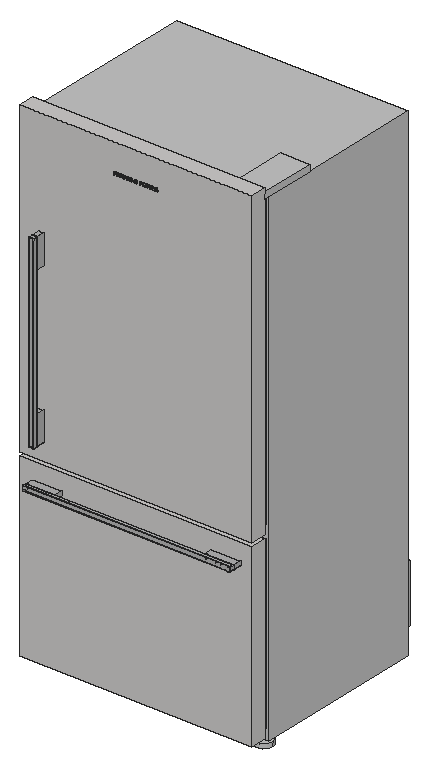
Revit family "FP-Revit18-RF522WDRX5-Fridges", category Specialty Equipment, Revit 2018 (continued)
Definition of nested family "F&P Handle Kit - Contemporary Round - Horizontal"
  Forms (mm)
    Extrusion 3, solid, material <- "Material - Handle", detail levels fine
      sketch origin (0, 0, 0) x (0, 1, 0) y (0, 0, -1)
        loop
          line (0, -8.7) -> (0, 8.7) -> (-32.3, 8.7)
          arc (-32.3, 8.7) -> (-41, 0) -> (-32.3, -8.7) r 8.7
          line (-32.3, -8.7) -> (0, -8.7)
      from 255 to 355
    Sweep 4, void
      path in 3D
        loop
          line (355, 0, 8.7) -> (355, -32.3, 8.7)
          arc (355, -32.3, 8.7) -> (355, -41, 0) -> (355, -32.3, -8.7) r 8.7
          line (355, -32.3, -8.7) -> (355, 0, -8.7)
      profile origin (355, -16.15, 8.7) x (1, 0, 0) y (0, 0, 1)
        loop
          line (0, 0) -> (-1, 0) -> (0, -1) -> (0, 0)
    Sweep 5, void
      path in 3D
        loop
          line (-355, 0, -8.7) -> (-355, -32.3, -8.7)
          arc (-355, -32.3, -8.7) -> (-355, -41, 0) -> (-355, -32.3, 8.7) r 8.7
          line (-355, -32.3, 8.7) -> (-355, 0, 8.7)
      profile origin (-355, -16.15, 8.7) x (-1, 0, 0) y (0, 0, 1)
        loop
          line (0, 0) -> (-1, 0) -> (0, -1) -> (0, 0)
    Extrusion 6, solid, material <- "Material - Handle", detail levels coarse+medium
      sketch origin (0, 0, 0) x (0, 1, 0) y (0, 0, 1)
        loop
          line (0, 8.7) -> (-32.3, 8.7)
          arc (-32.3, 8.7) -> (-41, 0) -> (-32.3, -8.7) r 8.7
          line (-32.3, -8.7) -> (0, -8.7) -> (0, 8.7)
      from 255 to 355
    Extrusion 7, solid, material <- "Material - Handle", detail levels coarse+medium
      sketch origin (0, 0, 0) x (0, 1, 0) y (0, 0, -1)
        loop
          line (0, -8.7) -> (0, 8.7) -> (-32.3, 8.7)
          arc (-32.3, 8.7) -> (-41, 0) -> (-32.3, -8.7) r 8.7
          line (-32.3, -8.7) -> (0, -8.7)
      from 255 to 355
  Cuts and joins
    Sweep 4 cuts Extrusion 2
    Sweep 5 cuts Extrusion 3
  Lines and regions (mm)
    sketch lines
      curve 1: line (355, 0, 8.7) -> (355, -32.3, 8.7)
      curve 2: arc (355, -32.3, -8.7) -> (355, -41, 0) -> (355, -32.3, 8.7) r 8.7
      curve 3: line (355, -32.3, -8.7) -> (355, 0, -8.7)
      curve 4: line (-355, -32.3, 8.7) -> (-355, 0, 8.7)
      curve 5: arc (-355, -32.3, 8.7) -> (-355, -41, 0) -> (-355, -32.3, -8.7) r 8.7
      curve 6: line (-355, 0, -8.7) -> (-355, -32.3, -8.7)
  Dimensions and locks
    equal spacing: plane 4 "Product LHS", plane 3 "Center (Left/Right)", plane 5 "Product RHS"
    "Handle - Length": plane 4 "Product LHS" to plane 5 "Product RHS"
    "Handle Standoff - Length": plane 4 "Product LHS" to plane 6 "LHS Standoff"
    "Handle Standoff - Length": plane 7 "RHS Standoff" to plane 5 "Product RHS"
    equal spacing: Extrusion 2 sketch curve, level, Extrusion 2 sketch curve
    Extrusion 3 sketch curve to Extrusion 3 sketch curve = 17.4 mm
    Extrusion 6 sketch curve to Extrusion 6 sketch curve = 17.4 mm
    Extrusion 7 sketch curve to Extrusion 7 sketch curve = 17.4 mm
    aligned and locked: level to plane 2
    aligned and locked: plane 7 "RHS Standoff" to Extrusion 1
    aligned and locked: Extrusion 2 to Extrusion 1
    aligned and locked: Extrusion 2 to plane 5 "Product RHS"
    aligned and locked: plane 4 "Product LHS" to Extrusion 3
    aligned and locked: plane 6 "LHS Standoff" to Extrusion 3
    aligned and locked: Extrusion 1 to plane 6 "LHS Standoff"
    aligned and locked: Extrusion 6 to Extrusion 1
    aligned and locked: Extrusion 6 to plane 5 "Product RHS"
    aligned and locked: plane 4 "Product LHS" to Extrusion 7
    aligned and locked: Extrusion 7 to Extrusion 1
  Automatic sketch dimensions
    Extrusion 1 sketch curve to level = 0 mm
    plane 1 "Center (Front/Back)" to Extrusion 1 sketch curve = 32.3 mm
    Extrusion 2 sketch curve to plane 1 "Center (Front/Back)" = 0 mm
    Extrusion 2 sketch curve to level = 8.7 mm
    plane 1 "Center (Front/Back)" to Extrusion 2 sketch curve = 32.3 mm
    Extrusion 3 sketch curve to level = 0 mm
    Extrusion 3 sketch curve to plane 1 "Center (Front/Back)" = 0 mm
    Extrusion 3 sketch curve to level = 8.7 mm
    plane 1 "Center (Front/Back)" to Extrusion 3 sketch curve = 32.3 mm
    Sweep 4 sketch curve to profile plane = 0 mm
    profile plane to Sweep 4 sketch curve = 0 mm
    profile plane to Sweep 4 sketch curve = 1 mm
    Sweep 4 sketch curve to profile plane = 1 mm
    Sweep 5 sketch curve to profile plane = 0 mm  (x2)
    profile plane to Sweep 5 sketch curve = 1 mm
    Sweep 5 sketch curve to profile plane = 1 mm
    Extrusion 6 sketch curve to level = 0 mm
    level to Extrusion 6 sketch curve = 8.7 mm
    plane 1 "Center (Front/Back)" to Extrusion 6 sketch curve = 32.3 mm
    Extrusion 6 sketch curve to Extrusion 6 sketch curve = 32.3 mm
    Extrusion 7 sketch curve to level = 0 mm
    level to Extrusion 7 sketch curve = 8.7 mm
    plane 1 "Center (Front/Back)" to Extrusion 7 sketch curve = 32.3 mm
    Extrusion 7 sketch curve to Extrusion 7 sketch curve = 32.3 mm
    radius of Extrusion 1 sketch curve = 8.7 mm
